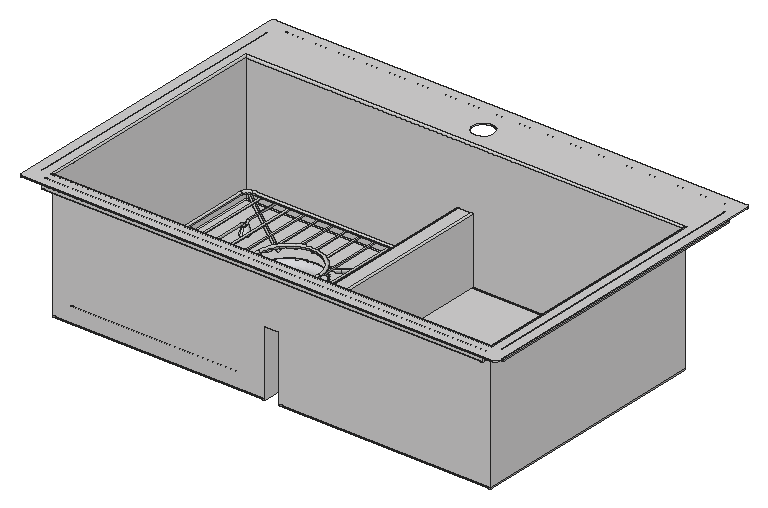
Revit family "Sink-Kitchen-KOHLER-Vault-K-3838_1", category Plumbing Fixtures, host Face, Revit 2015 (continued)
Definition of nested family "K-3838"
  Automatic sketch dimensions
    radius of curve 295 = 0.09463"
    radius of curve 296 = 0.09463"
    radius of curve 297 = 0.09463"
    radius of curve 298 = 0.09463"
    radius of curve 299 = 0.09463"
    radius of curve 300 = 0.09463"
    radius of curve 301 = 0.09463"
    radius of curve 302 = 0.09463"
    radius of curve 303 = 0.09463"
    radius of curve 304 = 0.09463"
    radius of curve 305 = 0.09463"
    radius of curve 306 = 0.09463"
    radius of curve 307 = 0.09463"
    radius of curve 308 = 0.09463"
    radius of curve 309 = 0.09463"
    radius of curve 310 = 0.09463"
    radius of curve 311 = 0.09463"
    radius of curve 312 = 0.09463"
    radius of curve 313 = 0.09463"
    radius of curve 314 = 0.09463"
    radius of curve 315 = 0.09463"
    radius of curve 316 = 0.09463"
    radius of curve 317 = 0.09463"
    radius of curve 318 = 0.09463"
    radius of curve 319 = 0.09463"
    radius of curve 320 = 0.09463"
    radius of curve 321 = 0.09463"
    radius of curve 322 = 0.09463"
    radius of curve 323 = 0.09463"
    radius of curve 324 = 0.09463"
    radius of curve 325 = 0.09463"
    radius of curve 326 = 0.09463"
    radius of curve 327 = 0.09463"
    radius of curve 328 = 0.09463"
    radius of curve 329 = 0.09463"
    radius of curve 330 = 0.09463"
    radius of curve 331 = 0.09463"
    radius of curve 332 = 0.09463"
    radius of curve 333 = 0.09463"
    radius of curve 334 = 0.09463"
    radius of curve 335 = 0.09463"
    radius of curve 336 = 0.09463"
    radius of curve 337 = 0.09463"
    radius of curve 338 = 0.09463"
    radius of curve 339 = 0.09463"
    radius of curve 340 = 0.09463"
    radius of curve 341 = 0.09463"
    radius of curve 342 = 0.09463"
    radius of curve 343 = 0.09463"
    radius of curve 344 = 0.09463"
    radius of curve 345 = 0.09463"
    radius of curve 346 = 0.09463"
    radius of curve 347 = 0.09463"
    radius of curve 348 = 0.09463"
    radius of curve 349 = 0.09463"
    radius of curve 350 = 0.09463"
    radius of curve 351 = 0.09463"
    radius of curve 352 = 0.09463"
    radius of curve 353 = 0.09463"
    radius of curve 354 = 0.09463"
    radius of curve 355 = 0.09463"
    radius of curve 356 = 0.09463"
    radius of curve 357 = 0.09463"
    radius of curve 358 = 0.09463"
    radius of curve 359 = 0.09463"
    radius of curve 360 = 0.09463"
    radius of curve 361 = 0.09463"
    radius of curve 362 = 0.09463"
    radius of curve 363 = 0.09463"
    radius of curve 364 = 0.09463"
    radius of curve 365 = 0.09463"
    radius of curve 366 = 0.09463"
    radius of curve 367 = 0.09463"
    radius of curve 368 = 0.09463"
    radius of curve 369 = 0.09463"
    radius of curve 370 = 0.09463"
    radius of curve 371 = 0.30228"
    radius of curve 372 = 0.30228"
    radius of Extrusion 37 sketch curve = 0.72171"  (x2)
    radius of Extrusion 38 sketch curve = 0.72171"
Types (3): name | Type | Three Faucet hole | Single Faucet hole | Product Page URL | Product Documentation Link | Model | Fourth hole | Four Faucet hole | Faucet Hole Spacing | Description
  Single Faucet Hole,NA-Stainless | 1 | no | yes | "http://www.us.kohler.com/us/catalog/productDetails.jsp?productNumber=3838-1" | "https://www.us.kohler.com/webassets/kpna/catalog/pdf/en/K-3838-1_spec.pdf" | "K-3838-1-NA" | 0" | no | 0" | "33Inch x 22Inch x 9-5/16Inch Smart Divide top-/under-mount double-equal bowl kitchen sink with single faucet hole"
  Four Faucet Hole,NA-Stainless | 3 | no | no | "http://www.us.kohler.com/us/catalog/productDetails.jsp?productNumber=3838-4" | "https://www.us.kohler.com/webassets/kpna/catalog/pdf/en/K-3838-4_spec.pdf" | "K-3838-4-NA" | 9 1/8" | yes | 8" | "33Inch x 22Inch x 9-5/16Inch Smart Divide  top-/under-mount double-equal bowl kitchen sink with 4 faucet holes"
  Three Faucet Hole,NA-Stainless | 2 | yes | no | "http://www.us.kohler.com/us/catalog/productDetails.jsp?productNumber=3838-3" | "https://www.us.kohler.com/webassets/kpna/catalog/pdf/en/K-3838-3_spec.pdf" | "K-3838-3-NA" | 0" | no | 8" | "33Inch x 22Inch x 9-5/16Inch Smart Divide  top-/under-mount double-equal bowl kitchen sink with 3 faucet holes"
